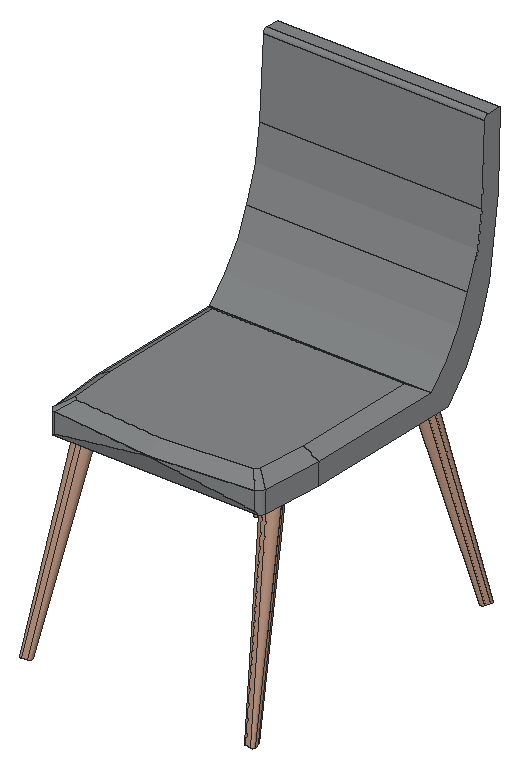
Revit family "Furniture_Chair_BERET 301.01", category Furniture, Revit 2019
Family settings
  OmniClass Number = 23.21.23.15.17
  Work Plane-Based = Yes
  Always vertical = No
  Cut with Voids When Loaded = No
  Shared = No
  Room Calculation Point = No
Parameters (values of type "BERET 301.01")
  Youtube clip = ""
  Uniformat II Description = "Movable Furnishings"
  Uniformat II Code = ""
  Uniclass 2015 Name = ""
  Uniclass 2015 Code = ""
  Uniclass 2.0 Description = ""
  Uniclass 2.0 Code = ""
  Uniclass 1.4 Description = ""
  Uniclass 1.4 Code = ""
  UNSPSC Code = ""
  Technical description = ""
  Shell Material = Leather - Positive AK019
  Frame Material = Teak - Black Walnut
  Region South America = "All"
  Region Oceania = "All"
  Region North America = "All"
  Region Middle East = "All"
  Region Europe = "All"
  Region Asia = "All"
  Region Antarctica = "All"
  Region Africa = "All"
  QR code = "https://www.sandlerseating.com/product/beret-301-01/"
  Product url = "https://www.sandlerseating.com/product/beret-301-01/"
  Product name = "BERET 301.01"
  Product group = "Chair"
  Product family = "Furniture"
  Product data url = "https://www.sandlerseating.com/product/beret-301-01/"
  Product certification = ""
  Product SKU = "??"
  Product Guid = "??"
  OmniClass Description = ""
  OmniClass Code = "23-21 23 15 17"
  NBS Reference Description = ""
  NBS Reference Code = ""
  Model = "BERET 301.01"
  Masterformat 2014 Description = "Chair Mats"
  Masterformat 2014 Code = "12 48 43.13"
  Manufacturer name = "Sandler"
  Manufacturer country = "USA"
  Manufacturer = "Sandler"
  Installation instructions = ""
  IFC Classification = "Furnishing Element"
  GTIN code = ""
  Edition number = 1
  Design country = "Brasil"
  Description = "Chair"
  Default Elevation = 0.000 mm
  Date of publishing = ""
  COBIe Type Category = ""
  Brand url = "https://www.sandlerseating.com/"
  BIMobject main category code = "furniture"
  BIMobject main category = "Furniture"
  BIMobject category code = "furniture-chair"
  BIMobject category = "Chair"
Reference planes
  plane 1 "Center Front/Back": y = 0
  plane 2: z = 0
  plane 3 "Center Left/Right": x = 0
Dimensions and locks
  aligned and locked: level to plane 2
Nested families
  nested 1: "TP01 - BERET" at (0, 80, 0), Seat Material <- "Shell Material", type "TP01 - BERET"
    with Seat Material Leather - Positive AK019
  nested 2: "BS01 - BERET" at (0, 0, 0), Frame Material <- "Frame Material", type "BS01 - BERET"
    with Frame Material Teak - Black Walnut
Definition of nested family "TP01 - BERET"
  Parameters (values of type "TP01 - BERET")
    Seat Material [instance] = none
    Frame Material = none
  Reference planes
    plane 1 "Center (Front/Back)": y = 0
    plane 2: z = 0
    plane 3 "Center (Left/Right)": x = 0
  Forms (mm)
    Extrusion 1, solid, material <- "Seat Material"
      sketch origin (0, 0, 0) x (0, 1, 0) y (0, 0, 1)
        loop
          line (270.483, 880) -> (242.65, 880)
          arc (242.65, 880) -> (236.487, 877.501) -> (233.805, 871.417) r 8.848
          arc (233.805, 871.417) -> (230.421, 793.188) -> (224.96, 715.076) r 2946.904
          arc (224.96, 715.076) -> (214.464, 645.55) -> (191.091, 579.235) r 372.569
          arc (191.091, 579.235) -> (153.624, 502.215) -> (98.503, 436.661) r 348.478
          line (98.503, 436.661) -> (-339.369, 436.661) -> (-320.043, 393.253) -> (139.198, 393.253)
          arc (139.198, 393.253) -> (205.336, 475.782) -> (243.74, 574.324) r 349.273
          arc (243.74, 574.324) -> (267.241, 726.276) -> (270.483, 880) r 1162.507
      from -224.272 to 224.793
    Extrusion 2, void
      sketch origin (0, 0, 238.7) x (-1, 0, 0) y (0, -1, 0)
        loop
          line (224.272, 187.839) -> (244.272, 187.839) -> (244.272, 362.839) -> (-249.793, 362.839) -> (-249.793, 187.839) -> (-224.793, 187.839)
          arc (-224.793, 187.839) -> (-221.061, 248.428) -> (-215.398, 308.867) r 1903.05
          arc (-215.398, 308.867) -> (-211.415, 317.506) -> (-203.037, 322.011) r 15
          arc (-203.037, 322.011) -> (-0.26, 339.369) -> (202.517, 322.011) r 1193.101
          arc (202.517, 322.011) -> (210.895, 317.506) -> (214.878, 308.867) r 15
          arc (214.878, 308.867) -> (220.54, 248.428) -> (224.272, 187.839) r 1903.05
      from 0 to 250
    Blend 3, solid, material <- "Seat Material"
      base sketch origin (0, 0, 238.7) x (-1, 0, 0) y (0, -1, 0)
        loop
          line (224.272, -98.503) -> (224.272, 187.839)
          arc (224.272, 187.839) -> (220.54, 248.428) -> (214.878, 308.867) r 1903.05
          arc (214.878, 308.867) -> (210.895, 317.506) -> (202.517, 322.011) r 15
          arc (202.517, 322.011) -> (-0.26, 339.369) -> (-203.037, 322.011) r 1193.101
          arc (-203.037, 322.011) -> (-211.415, 317.506) -> (-215.398, 308.867) r 15
          arc (-215.398, 308.867) -> (-221.061, 248.428) -> (-224.793, 187.839) r 1903.05
          line (-224.793, 187.839) -> (-224.793, -98.503) -> (224.272, -98.503)
      top sketch origin (0, 0, 238.7) x (-1, 0, 0) y (0, -1, 0)
        loop
          line (-194.793, 187.152) -> (-194.793, -68.503) -> (194.272, -68.503) -> (194.272, 187.152)
          arc (194.272, 187.152) -> (191.319, 236.944) -> (187.041, 286.64) r 1873.05
          arc (187.041, 286.64) -> (184.353, 292.523) -> (178.628, 295.53) r 10
          arc (178.628, 295.53) -> (-0.26, 309.369) -> (-179.148, 295.53) r 1163.101
          arc (-179.148, 295.53) -> (-184.874, 292.523) -> (-187.561, 286.64) r 10
          arc (-187.561, 286.64) -> (-191.84, 236.944) -> (-194.793, 187.152) r 1873.05
      from 197.96 to 217.086
  Cuts and joins
    Extrusion 2 cuts Extrusion 1
  Dimensions and locks
    aligned and locked: level to plane 2
Definition of nested family "BS01 - BERET"
  Parameters (values of type "BS01 - BERET")
    Frame Material [instance] = none
  Reference planes
    plane 1 "Center (Front/Back)": y = 0
    plane 2: z = 0
    plane 3 "Center (Left/Right)": x = 0
  Forms (mm)
    Blend 1, solid, material <- "Frame Material"
      base sketch origin (0, 0, 238.7) x (-1, 0, 0) y (0, -1, 0)
        loop
          arc (186.221, -220.305) -> (200.231, -215.274) -> (203.008, -200.649) r 15
          line (203.008, -200.649) -> (198.748, -188.276)
          arc (198.748, -188.276) -> (188.299, -179.431) -> (175.54, -184.392) r 13.387
          line (175.54, -184.392) -> (167.543, -194.629)
          arc (167.543, -194.629) -> (165.359, -209.24) -> (176.758, -218.636) r 15
          line (176.758, -218.636) -> (186.221, -220.305)
      top sketch origin (0, 0, 238.7) x (-1, 0, 0) y (0, -1, 0)
        loop
          arc (231.986, -320.2) -> (236.3, -318.694) -> (237.27, -314.227) r 4.677
          line (237.27, -314.227) -> (233.561, -302.097)
          arc (233.561, -302.097) -> (229.836, -298.772) -> (225.166, -300.541) r 4.813
          line (225.166, -300.541) -> (217.615, -310.206)
          arc (217.615, -310.206) -> (216.887, -315.076) -> (220.687, -318.208) r 5
          line (220.687, -318.208) -> (231.986, -320.2)
      from 174.61 to -238.7
    Blend 2, solid, material <- "Frame Material"
      base sketch origin (0, 31.25, 238.7) x (-1, 0, 0) y (0, -1, 0)
        loop
          line (186.221, 220.305) -> (176.758, 218.636)
          arc (176.758, 218.636) -> (165.359, 209.24) -> (167.543, 194.629) r 15
          line (167.543, 194.629) -> (175.54, 184.392)
          arc (175.54, 184.392) -> (188.299, 179.431) -> (198.748, 188.276) r 13.387
          line (198.748, 188.276) -> (203.008, 200.649)
          arc (203.008, 200.649) -> (200.231, 215.274) -> (186.221, 220.305) r 15
      top sketch origin (0, 31.25, 238.7) x (-1, 0, 0) y (0, -1, 0)
        loop
          line (231.986, 320.2) -> (220.687, 318.208)
          arc (220.687, 318.208) -> (216.887, 315.076) -> (217.615, 310.206) r 5
          line (217.615, 310.206) -> (225.166, 300.541)
          arc (225.166, 300.541) -> (229.836, 298.772) -> (233.561, 302.097) r 4.813
          line (233.561, 302.097) -> (237.27, 314.227)
          arc (237.27, 314.227) -> (236.3, 318.694) -> (231.986, 320.2) r 4.677
      from 174.61 to -238.7
    Blend 3, solid, material <- "Frame Material"
      base sketch origin (0, 0, 238.7) x (1, 0, 0) y (0, 1, 0)
        loop
          line (186.221, 220.305) -> (176.758, 218.636)
          arc (176.758, 218.636) -> (165.359, 209.24) -> (167.543, 194.629) r 15
          line (167.543, 194.629) -> (175.54, 184.392)
          arc (175.54, 184.392) -> (188.299, 179.431) -> (198.748, 188.276) r 13.387
          line (198.748, 188.276) -> (203.008, 200.649)
          arc (203.008, 200.649) -> (200.231, 215.274) -> (186.221, 220.305) r 15
      top sketch origin (0, 0, 238.7) x (1, 0, 0) y (0, 1, 0)
        loop
          line (231.986, 320.2) -> (220.687, 318.208)
          arc (220.687, 318.208) -> (216.887, 315.076) -> (217.615, 310.206) r 5
          line (217.615, 310.206) -> (225.166, 300.541)
          arc (225.166, 300.541) -> (229.836, 298.772) -> (233.561, 302.097) r 4.813
          line (233.561, 302.097) -> (237.27, 314.227)
          arc (237.27, 314.227) -> (236.3, 318.694) -> (231.986, 320.2) r 4.677
      from 174.61 to -238.7
    Blend 4, solid, material <- "Frame Material"
      base sketch origin (0, 31.25, 238.7) x (1, 0, 0) y (0, 1, 0)
        loop
          arc (186.221, -220.305) -> (200.231, -215.274) -> (203.008, -200.649) r 15
          line (203.008, -200.649) -> (198.748, -188.276)
          arc (198.748, -188.276) -> (188.299, -179.431) -> (175.54, -184.392) r 13.387
          line (175.54, -184.392) -> (167.543, -194.629)
          arc (167.543, -194.629) -> (165.359, -209.24) -> (176.758, -218.636) r 15
          line (176.758, -218.636) -> (186.221, -220.305)
      top sketch origin (0, 31.25, 238.7) x (1, 0, 0) y (0, 1, 0)
        loop
          arc (231.986, -320.2) -> (236.3, -318.694) -> (237.27, -314.227) r 4.677
          line (237.27, -314.227) -> (233.561, -302.097)
          arc (233.561, -302.097) -> (229.836, -298.772) -> (225.166, -300.541) r 4.813
          line (225.166, -300.541) -> (217.615, -310.206)
          arc (217.615, -310.206) -> (216.887, -315.076) -> (220.687, -318.208) r 5
          line (220.687, -318.208) -> (231.986, -320.2)
      from 174.61 to -238.7
  Dimensions and locks
    aligned and locked: level to plane 2
